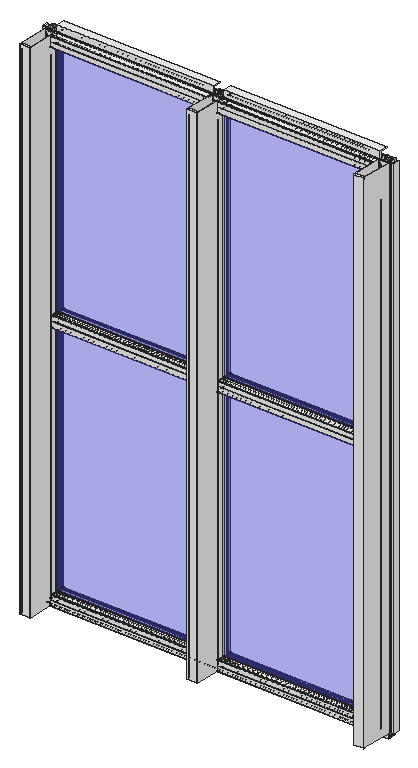
Revit family "Facade_60_Curtain_Wall_E22_Custom", category Windows, host Wall, Revit 2014 (continued)
Definition of nested family "F60 Vertical Profile Side_E22_Cust"
  Automatic sketch dimensions
    Extrusion 7 sketch curve to Extrusion 7 sketch curve = 1.95 mm
    Extrusion 7 sketch curve to Extrusion 7 sketch curve = 1.65 mm
    Extrusion 7 sketch curve to Extrusion 7 sketch curve = 4.987 mm
    Extrusion 7 sketch curve to Extrusion 7 sketch curve = 4.813 mm
    Extrusion 7 sketch curve to Extrusion 7 sketch curve = 4.812 mm
    Extrusion 7 sketch curve to Extrusion 7 sketch curve = 137.5 mm
    Extrusion 7 sketch curve to Extrusion 7 sketch curve = 0.2 mm  (x2)
    Extrusion 7 sketch curve to Extrusion 7 sketch curve = 0.4 mm  (x2)
    Extrusion 7 sketch curve to Extrusion 7 sketch curve = 4.5 mm
    Extrusion 8 sketch curve to plane 3 "Center (Left/Right)" = 0 mm
    Extrusion 8 sketch curve to Extrusion 8 sketch curve = 1 mm  (x3)
    plane 3 "Center (Left/Right)" to Extrusion 8 sketch curve = 1.65 mm
    plane 3 "Center (Left/Right)" to Extrusion 8 sketch curve = 2.75 mm
    Extrusion 8 sketch curve to Extrusion 8 sketch curve = 0.8 mm  (x2)
    Extrusion 8 sketch curve to Extrusion 8 sketch curve = 52.5 mm
    Extrusion 8 sketch curve to plane 1 "Center (Front/Back)" = 15.1 mm
    Extrusion 8 sketch curve to Extrusion 8 sketch curve = 52.9 mm
    Extrusion 8 sketch curve to Extrusion 8 sketch curve = 1.9 mm
    Extrusion 8 sketch curve to Extrusion 8 sketch curve = 2.75 mm
    Extrusion 8 sketch curve to Extrusion 8 sketch curve = 4.444 mm
    Extrusion 8 sketch curve to Extrusion 8 sketch curve = 4.656 mm  (x2)
    Extrusion 8 sketch curve to Extrusion 8 sketch curve = 163.2 mm
    Extrusion 8 sketch curve to Extrusion 8 sketch curve = 9.5 mm
    plane 3 "Center (Left/Right)" to Extrusion 9 sketch curve = 25.249 mm
    Extrusion 9 sketch curve to Extrusion 9 sketch curve = 0.5 mm  (x4)
    Extrusion 9 sketch curve to Extrusion 9 sketch curve = 1.1 mm
    plane 1 "Center (Front/Back)" to Extrusion 9 sketch curve = 11.356 mm  (x2)
    Extrusion 9 sketch curve to Extrusion 9 sketch curve = 0.293 mm  (x2)
    Extrusion 9 sketch curve to Extrusion 9 sketch curve = 1.896 mm
    Extrusion 9 sketch curve to Extrusion 9 sketch curve = 1.922 mm
    Extrusion 9 sketch curve to Extrusion 9 sketch curve = 1 mm  (x2)
    Extrusion 9 sketch curve to Extrusion 9 sketch curve = 0.7 mm
    Extrusion 9 sketch curve to Extrusion 9 sketch curve = 0.808 mm
    Extrusion 9 sketch curve to plane 1 "Center (Front/Back)" = 2.272 mm  (x2)
    Extrusion 9 sketch curve to Extrusion 9 sketch curve = 0.303 mm
    Extrusion 9 sketch curve to plane 1 "Center (Front/Back)" = 1.745 mm
    Extrusion 9 sketch curve to Extrusion 9 sketch curve = 0.356 mm
    plane 1 "Center (Front/Back)" to Extrusion 9 sketch curve = 9.206 mm  (x2)
    Extrusion 9 sketch curve to Extrusion 9 sketch curve = 1.647 mm
    Extrusion 9 sketch curve to Extrusion 9 sketch curve = 0.701 mm
    Extrusion 9 sketch curve to Extrusion 9 sketch curve = 0.992 mm
    Extrusion 9 sketch curve to Extrusion 9 sketch curve = 0.003 mm
    Extrusion 9 sketch curve to Extrusion 9 sketch curve = 0.002 mm
    Extrusion 9 sketch curve to Extrusion 9 sketch curve = 0.004 mm
    Extrusion 9 sketch curve to Extrusion 9 sketch curve = 0.708 mm
    Extrusion 9 sketch curve to plane 1 "Center (Front/Back)" = 1.946 mm
    Extrusion 9 sketch curve to Extrusion 9 sketch curve = 0.899 mm
    Extrusion 9 sketch curve to Extrusion 9 sketch curve = 0.444 mm
    Extrusion 9 sketch curve to Extrusion 9 sketch curve = 3.038 mm
    Extrusion 9 sketch curve to plane 1 "Center (Front/Back)" = 0.385 mm  (x2)
    Extrusion 9 sketch curve to Extrusion 9 sketch curve = 0.756 mm
    Extrusion 9 sketch curve to Extrusion 9 sketch curve = 2.153 mm
    Extrusion 9 sketch curve to Extrusion 9 sketch curve = 0.631 mm
    Extrusion 9 sketch curve to Extrusion 9 sketch curve = 0.807 mm
    Extrusion 9 sketch curve to Extrusion 9 sketch curve = 1.646 mm
    Extrusion 9 sketch curve to Extrusion 9 sketch curve = 0.707 mm
    Extrusion 9 sketch curve to Extrusion 9 sketch curve = 1.393 mm
    Extrusion 9 sketch curve to Extrusion 9 sketch curve = 1.923 mm
    Extrusion 9 sketch curve to Extrusion 9 sketch curve = 11.937 mm
    Extrusion 9 sketch curve to Extrusion 9 sketch curve = 1.6 mm
    Extrusion 9 sketch curve to Extrusion 9 sketch curve = 0.9 mm  (x2)
    Extrusion 9 sketch curve to Extrusion 9 sketch curve = 1.356 mm  (x2)
    Extrusion 9 sketch curve to Extrusion 9 sketch curve = 0.714 mm
    Extrusion 9 sketch curve to Extrusion 9 sketch curve = 0.02 mm
    Extrusion 9 sketch curve to Extrusion 9 sketch curve = 0.399 mm
    Extrusion 9 sketch curve to Extrusion 9 sketch curve = 2.224 mm
    Extrusion 9 sketch curve to Extrusion 9 sketch curve = 0.448 mm
    Extrusion 9 sketch curve to plane 1 "Center (Front/Back)" = 0.198 mm
    Extrusion 9 sketch curve to plane 1 "Center (Front/Back)" = 0.201 mm
    Extrusion 9 sketch curve to Extrusion 9 sketch curve = 0.032 mm
    Extrusion 9 sketch curve to Extrusion 9 sketch curve = 0 mm
    plane 3 "Center (Left/Right)" to Extrusion 10 sketch curve = 1.014 mm
    Extrusion 10 sketch curve to Extrusion 10 sketch curve = 0.469 mm  (x2)
    plane 3 "Center (Left/Right)" to Extrusion 10 sketch curve = 1.706 mm
    Extrusion 10 sketch curve to Extrusion 10 sketch curve = 1.079 mm
    Extrusion 10 sketch curve to Extrusion 10 sketch curve = 0.864 mm
    Extrusion 10 sketch curve to Extrusion 10 sketch curve = 1.15 mm  (x4)
    Extrusion 10 sketch curve to Extrusion 10 sketch curve = 3.2 mm  (x2)
    Extrusion 10 sketch curve to Extrusion 10 sketch curve = 3.031 mm  (x2)
    Extrusion 10 sketch curve to Extrusion 10 sketch curve = 0.6 mm  (x3)
    Extrusion 10 sketch curve to Extrusion 10 sketch curve = 15.584 mm  (x2)
    Extrusion 10 sketch curve to Extrusion 10 sketch curve = 0.808 mm  (x2)
    Extrusion 10 sketch curve to Extrusion 10 sketch curve = 3.038 mm
    Extrusion 10 sketch curve to Extrusion 10 sketch curve = 0.865 mm
    Extrusion 10 sketch curve to Extrusion 10 sketch curve = 1.25 mm  (x5)
    Extrusion 10 sketch curve to Extrusion 10 sketch curve = 0.61 mm
    plane 1 "Center (Front/Back)" to Extrusion 10 sketch curve = 31.288 mm
    Extrusion 10 sketch curve to Extrusion 10 sketch curve = 0.362 mm
    plane 1 "Center (Front/Back)" to Extrusion 10 sketch curve = 31.65 mm
    Extrusion 10 sketch curve to Extrusion 10 sketch curve = 0.962 mm
    Extrusion 10 sketch curve to Extrusion 10 sketch curve = 0.85 mm
    Extrusion 10 sketch curve to Extrusion 10 sketch curve = 0.512 mm  (x2)
    Extrusion 10 sketch curve to Extrusion 10 sketch curve = 0.4 mm  (x2)
    Extrusion 10 sketch curve to Extrusion 10 sketch curve = 1 mm
    Extrusion 10 sketch curve to Extrusion 10 sketch curve = 2.8 mm
    Extrusion 10 sketch curve to Extrusion 10 sketch curve = 0 mm  (x2)
    Extrusion 10 sketch curve to Extrusion 10 sketch curve = 1.4 mm
    Extrusion 10 sketch curve to Extrusion 10 sketch curve = 0.539 mm  (x2)
    plane 1 "Center (Front/Back)" to Extrusion 10 sketch curve = 28.864 mm
    Extrusion 11 sketch curve to plane 3 "Center (Left/Right)" = 0 mm
    plane 3 "Center (Left/Right)" to Extrusion 11 sketch curve = 0.65 mm
    Extrusion 11 sketch curve to Extrusion 11 sketch curve = 0.128 mm  (x2)
    plane 3 "Center (Left/Right)" to Extrusion 11 sketch curve = 1.014 mm
    plane 3 "Center (Left/Right)" to Extrusion 11 sketch curve = 1.05 mm
    Extrusion 11 sketch curve to Extrusion 11 sketch curve = 0.469 mm  (x2)
    Extrusion 11 sketch curve to Extrusion 11 sketch curve = 1.079 mm
    Extrusion 11 sketch curve to Extrusion 11 sketch curve = 1.317 mm  (x2)
    Extrusion 11 sketch curve to Extrusion 11 sketch curve = 0 mm  (x3)
    plane 3 "Center (Left/Right)" to Extrusion 11 sketch curve = 3.85 mm
    Extrusion 11 sketch curve to Extrusion 11 sketch curve = 0.15 mm  (x2)
    Extrusion 11 sketch curve to Extrusion 11 sketch curve = 26 mm  (x2)
    Extrusion 11 sketch curve to Extrusion 11 sketch curve = 1.05 mm
    Extrusion 11 sketch curve to Extrusion 11 sketch curve = 0.707 mm
    Extrusion 11 sketch curve to Extrusion 11 sketch curve = 0.433 mm
    plane 1 "Center (Front/Back)" to Extrusion 11 sketch curve = 31.288 mm
    plane 1 "Center (Front/Back)" to Extrusion 11 sketch curve = 28.065 mm
    Extrusion 11 sketch curve to Extrusion 11 sketch curve = 1.314 mm
    Extrusion 11 sketch curve to Extrusion 11 sketch curve = 0.65 mm
    Extrusion 11 sketch curve to Extrusion 11 sketch curve = 0.5 mm  (x2)
    plane 1 "Center (Front/Back)" to Extrusion 11 sketch curve = 32.75 mm
    Extrusion 11 sketch curve to Extrusion 11 sketch curve = 0.1 mm  (x3)
    Extrusion 11 sketch curve to Extrusion 11 sketch curve = 1.1 mm  (x2)
    Extrusion 11 sketch curve to Extrusion 11 sketch curve = 8.608 mm
    Extrusion 11 sketch curve to Extrusion 11 sketch curve = 0.962 mm
    Extrusion 12 sketch curve to plane 3 "Center (Left/Right)" = 21.349 mm
    Extrusion 12 sketch curve to Extrusion 12 sketch curve = 6.35 mm
    plane 3 "Center (Left/Right)" to Extrusion 12 sketch curve = 10.403 mm
    plane 1 "Center (Front/Back)" to Extrusion 12 sketch curve = 35.567 mm
    plane 1 "Center (Front/Back)" to Extrusion 12 sketch curve = 10.171 mm
    plane 1 "Center (Front/Back)" to Extrusion 12 sketch curve = 3.821 mm
    Extrusion 13 sketch curve to plane 3 "Center (Left/Right)" = 21.35 mm
    Extrusion 13 sketch curve to Extrusion 13 sketch curve = 6.35 mm
    plane 3 "Center (Left/Right)" to Extrusion 13 sketch curve = 10.402 mm
    plane 1 "Center (Front/Back)" to Extrusion 13 sketch curve = 33.172 mm
    plane 1 "Center (Front/Back)" to Extrusion 13 sketch curve = 7.775 mm
    plane 1 "Center (Front/Back)" to Extrusion 13 sketch curve = 1.425 mm
    Extrusion 14 sketch curve to plane 3 "Center (Left/Right)" = 0 mm
    plane 3 "Center (Left/Right)" to Extrusion 14 sketch curve = 1.2 mm
    Extrusion 14 sketch curve to Extrusion 14 sketch curve = 9.6 mm
    Extrusion 14 sketch curve to Extrusion 14 sketch curve = 1.2 mm  (x3)
    plane 1 "Center (Front/Back)" to Extrusion 14 sketch curve = 25.775 mm
    plane 1 "Center (Front/Back)" to Extrusion 14 sketch curve = 8.975 mm
    curve 4 to Extrusion 6 = 0 mm
    curve 3 to Extrusion 6 = 0 mm
    curve 1 to Extrusion 6 = 0 mm
    curve 4 to Extrusion 6 = 3.6 mm
    curve 3 to Extrusion 6 = 3.6 mm
    curve 1 to Extrusion 6 = 3.6 mm
    Extrusion 6 to curve 2 = 1 mm
    Extrusion 6 to curve 5 = 1 mm
    Extrusion 6 to curve 6 = 1 mm
    curve 6 to Extrusion 6 = 1 mm
    curve 5 to Extrusion 6 = 1 mm
    curve 2 to Extrusion 6 = 1 mm
    curve 9 to Extrusion 6 = 0 mm
    curve 8 to Extrusion 6 = 0 mm
    curve 7 to Extrusion 6 = 0 mm
    Extrusion 6 to curve 8 = 3.6 mm
    Extrusion 6 to curve 9 = 3.6 mm
    Extrusion 6 to curve 7 = 3.6 mm
    curve 12 to Extrusion 5 = 25.894 mm
    curve 11 to Extrusion 5 = 25.894 mm
    curve 10 to Extrusion 5 = 25.894 mm
    curve 10 to Extrusion 5 = 0.108 mm
    Extrusion 5 to curve 12 = 0.703 mm
    Extrusion 5 to curve 11 = 0.703 mm
    curve 13 to Extrusion 5 = 4 mm
    curve 14 to Extrusion 5 = 4 mm
    curve 15 to Extrusion 5 = 4 mm
    Extrusion 5 to curve 15 = 0.702 mm
    Extrusion 5 to curve 14 = 0.702 mm
    Extrusion 5 to curve 13 = 0.702 mm
    curve 18 to Extrusion 7 = 0 mm
    curve 17 to Extrusion 7 = 0 mm
    curve 16 to Extrusion 7 = 0 mm
    Extrusion 7 to curve 17 = 3.6 mm
    Extrusion 7 to curve 18 = 3.6 mm
    Extrusion 7 to curve 16 = 3.6 mm
    Extrusion 7 to curve 21 = 1 mm  (x2)
    Extrusion 7 to curve 20 = 1 mm  (x2)
    Extrusion 7 to curve 19 = 1 mm  (x2)
    curve 24 to Extrusion 7 = 0 mm
    curve 23 to Extrusion 7 = 0 mm
    curve 22 to Extrusion 7 = 0 mm
    curve 24 to Extrusion 7 = 3.6 mm
    curve 23 to Extrusion 7 = 3.6 mm
    curve 22 to Extrusion 7 = 3.6 mm
    curve 27 to Extrusion 8 = 0 mm
    curve 26 to Extrusion 8 = 0 mm
    curve 25 to Extrusion 8 = 0 mm
    Extrusion 8 to curve 26 = 3.6 mm
    Extrusion 8 to curve 27 = 3.6 mm
    Extrusion 8 to curve 25 = 3.6 mm
    Extrusion 8 to curve 30 = 0.221 mm
    Extrusion 8 to curve 29 = 0.221 mm
    Extrusion 8 to curve 28 = 0.221 mm
    curve 29 to Extrusion 8 = 0.222 mm
    curve 30 to Extrusion 8 = 0.222 mm
    curve 28 to Extrusion 8 = 0.222 mm
    curve 33 to Extrusion 8 = 0 mm
    curve 32 to Extrusion 8 = 0 mm
    curve 31 to Extrusion 8 = 0 mm
    curve 33 to Extrusion 8 = 3.6 mm
    curve 32 to Extrusion 8 = 3.6 mm
    curve 31 to Extrusion 8 = 3.6 mm
    curve 34 to Extrusion 11 = 4.016 mm
    curve 35 to Extrusion 11 = 4.016 mm
    curve 36 to Extrusion 11 = 3.97 mm
    Extrusion 11 to curve 36 = 0.637 mm
    Extrusion 11 to curve 35 = 0.637 mm
    Extrusion 11 to curve 34 = 0.637 mm
    curve 37 to Extrusion 11 = 29.221 mm
    curve 38 to Extrusion 11 = 29.221 mm
    curve 39 to Extrusion 11 = 29.221 mm
    Extrusion 11 to curve 39 = 3.222 mm
    Extrusion 11 to curve 38 = 3.222 mm
    Extrusion 11 to curve 37 = 3.222 mm
Definition of nested family "F60 Horizontal Profile Top_E22_Cust"
  Parameters (values of type "F60 Horizontal Profile Top")
    Thermal Break Material [instance] = none
    Single Glazing [instance] = yes
    Profile Material [instance] = none
    Length [instance] = 250 mm
    Double Glazing [instance] = yes
  Reference planes
    plane 1 "Center (Front/Back)": y = 0
    plane 2: z = 0
    plane 3 "Center (Left/Right)": x = 0
  Forms (mm)
    Extrusion 1, solid, material <- "Profile Material"
      sketch origin (0, 0, 0) x (0, 1, 0) y (0, 0, 1)
        loop
          line (-9.94, 7.845) -> (-8.37, 6.275) -> (-1.2, 10.415) -> (-1.2, 1.2) -> (-5, 1.2) -> (-5, 0) -> (-1, 0)
          arc (-1, 0) -> (-0.293, 0.293) -> (0, 1) r 1
          line (0, 1) -> (0, 30) -> (0, 59)
          arc (0, 59) -> (-0.293, 59.707) -> (-1, 60) r 1
          line (-1, 60) -> (-5, 60) -> (-5, 58.8) -> (-1.2, 58.8) -> (-1.2, 49.585) -> (-8.37, 53.725) -> (-9.94, 52.155)
          arc (-9.94, 52.155) -> (-9.902, 51.269) -> (-9.016, 51.232) r 0.655
          line (-9.016, 51.232) -> (-8.077, 52.17) -> (-1.2, 48.2) -> (-1.2, 30) -> (-1.2, 11.8) -> (-8.077, 7.83) -> (-9.016, 8.768)
          arc (-9.016, 8.768) -> (-9.902, 8.731) -> (-9.94, 7.845) r 0.655
      from 0 to 250 <- "Length"
    Extrusion 2, solid, material <- "Profile Material"
      sketch origin (0, 0, 0) x (0, 1, 0) y (0, 0, 1)
        loop
          line (-5, 60) -> (-44.6, 60) -> (-44.6, 58.35) -> (-39.944, 58.35) -> (-39.944, 1.65) -> (-44.6, 1.65) -> (-44.6, 0) -> (-5, 0) -> (-5, 2.2) -> (-4.2, 2.2) -> (-4.2, 3.018)
          arc (-4.2, 3.018) -> (-4.352, 3.783) -> (-4.786, 4.432) r 2
          line (-4.786, 4.432) -> (-7.054, 6.7) -> (-8, 6.489) -> (-8, 5.7) -> (-7.205, 5.7) -> (-7.205, 2.95) -> (-8, 2.95) -> (-8, 1.95) -> (-12.752, 1.95) -> (-12.752, 6.7) -> (-14.152, 6.7) -> (-14.152, 1.65) -> (-38.65, 1.65) -> (-38.65, 8.33) -> (-37.097, 8.33) -> (-34.666, 6.973)
          arc (-34.666, 6.973) -> (-33.846, 7.192) -> (-34.066, 8.012) r 0.6
          line (-34.066, 8.012) -> (-37.128, 9.78) -> (-38.65, 9.78) -> (-38.65, 12.65) -> (-37.6, 13.7) -> (-37.6, 20.3) -> (-38.65, 21.35) -> (-38.65, 38.65) -> (-37.6, 39.7) -> (-37.6, 46.3) -> (-38.65, 47.35) -> (-38.65, 50.22) -> (-37.128, 50.22) -> (-34.066, 51.988)
          arc (-34.066, 51.988) -> (-33.846, 52.808) -> (-34.666, 53.027) r 0.6
          line (-34.666, 53.027) -> (-37.032, 51.661) -> (-38.65, 51.661) -> (-38.65, 58.35) -> (-14.152, 58.35) -> (-14.152, 53.3) -> (-12.752, 53.3) -> (-12.752, 58.05) -> (-8, 58.05) -> (-8, 57.05) -> (-7.205, 57.05) -> (-7.205, 54.3) -> (-8, 54.3) -> (-8, 53.511) -> (-7.054, 53.3) -> (-4.786, 55.568)
          arc (-4.786, 55.568) -> (-4.352, 56.217) -> (-4.2, 56.982) r 2
          line (-4.2, 56.982) -> (-4.2, 57.8) -> (-5, 57.8) -> (-5, 60)
      from 0 to 250 <- "Length"
    Extrusion 3, solid, material <- "Thermal Break Material"
      sketch origin (0, 0, 0) x (0, 1, 0) y (0, 0, 1)
        loop
          line (-40, 1.75) -> (-40, 30) -> (-40, 58.25) -> (-44.6, 58.25) -> (-44.6, 60) -> (-45.9, 60) -> (-45.9, 53.65) -> (-41.788, 53.65)
          arc (-41.788, 53.65) -> (-41.363, 53.474) -> (-41.187, 53.05) r 0.6
          line (-41.187, 53.05) -> (-41.187, 30) -> (-41.187, 6.95)
          arc (-41.187, 6.95) -> (-41.363, 6.526) -> (-41.788, 6.35) r 0.6
          line (-41.788, 6.35) -> (-45.9, 6.35) -> (-45.9, 0) -> (-44.6, 0) -> (-44.6, 1.75) -> (-40, 1.75)
      from 0 to 250 <- "Length"
    Extrusion 4, solid, material <- "Profile Material"
      sketch origin (0, 0, 0) x (0, 1, 0) y (0, 0, 1)
        loop
          line (-58.5, 25.249) -> (-43.6, 25.249)
          arc (-43.6, 25.249) -> (-43.034, 25.015) -> (-42.8, 24.449) r 0.8
          line (-42.8, 24.449) -> (-42.8, 7.9) -> (-44.4, 7.9) -> (-44.4, 9.45) -> (-45.25, 9.45)
          arc (-45.25, 9.45) -> (-45.674, 9.274) -> (-45.85, 8.85) r 0.6
          line (-45.85, 8.85) -> (-45.85, 7.9) -> (-48.8, 7.9)
          arc (-48.8, 7.9) -> (-49.3, 8.4) -> (-49.8, 7.9) r 0.5
          line (-49.8, 7.9) -> (-49.8, 5.55) -> (-48.65, 5.55) -> (-48.65, 6.7) -> (-47.35, 6.7) -> (-47.35, 1.2) -> (-48.65, 1.2) -> (-48.65, 2.35) -> (-49.8, 2.35) -> (-49.8, 0.5)
          arc (-49.8, 0.5) -> (-49.654, 0.146) -> (-49.3, 0) r 0.5
          line (-49.3, 0) -> (-45.9, 0) -> (-45.9, 6.45) -> (-42.2, 6.45)
          arc (-42.2, 6.45) -> (-41.634, 6.684) -> (-41.4, 7.25) r 0.8
          line (-41.4, 7.25) -> (-41.4, 30) -> (-41.4, 52.75)
          arc (-41.4, 52.75) -> (-41.634, 53.316) -> (-42.2, 53.55) r 0.8
          line (-42.2, 53.55) -> (-45.9, 53.55) -> (-45.9, 60) -> (-49.3, 60)
          arc (-49.3, 60) -> (-49.654, 59.854) -> (-49.8, 59.5) r 0.5
          line (-49.8, 59.5) -> (-49.8, 57.65) -> (-48.65, 57.65) -> (-48.65, 58.8) -> (-47.35, 58.8) -> (-47.35, 53.3) -> (-48.65, 53.3) -> (-48.65, 54.45) -> (-49.8, 54.45) -> (-49.8, 52.1)
          arc (-49.8, 52.1) -> (-49.3, 51.6) -> (-48.8, 52.1) r 0.5
          line (-48.8, 52.1) -> (-45.85, 52.1) -> (-45.85, 51.15)
          arc (-45.85, 51.15) -> (-45.674, 50.726) -> (-45.25, 50.55) r 0.6
          line (-45.25, 50.55) -> (-44.4, 50.55) -> (-44.4, 52.1) -> (-42.8, 52.1) -> (-42.8, 35.551)
          arc (-42.8, 35.551) -> (-43.034, 34.985) -> (-43.6, 34.751) r 0.8
          line (-43.6, 34.751) -> (-58.5, 34.751)
          arc (-58.5, 34.751) -> (-59.066, 34.516) -> (-59.3, 33.951) r 0.8
          line (-59.3, 33.951) -> (-59.3, 32.902) -> (-42.8, 32.902) -> (-42.8, 27.1) -> (-59.3, 27.1) -> (-59.3, 26.049)
          arc (-59.3, 26.049) -> (-59.066, 25.484) -> (-58.5, 25.249) r 0.8
      from 0 to 250 <- "Length"
    Extrusion 5, solid, material <- "Thermal Break Material", visible <- "Single Glazing"
      sketch origin (0, 0, 0) x (0, 1, 0) y (0, 0, 1)
        loop
          arc (-63.8, 25.751) -> (-63.654, 25.397) -> (-63.3, 25.251) r 0.5
          line (-63.3, 25.251) -> (-59.8, 25.251)
          arc (-59.8, 25.251) -> (-59.446, 25.397) -> (-59.3, 25.751) r 0.5
          line (-59.3, 25.751) -> (-59.3, 27.648) -> (-49.599, 27.648) -> (-47.528, 28.651)
          arc (-47.528, 28.651) -> (-46.803, 30.001) -> (-47.528, 31.351) r 1.62
          line (-47.528, 31.351) -> (-49.599, 32.353) -> (-59.3, 32.353) -> (-59.3, 34.251)
          arc (-59.3, 34.251) -> (-59.446, 34.604) -> (-59.8, 34.751) r 0.5
          line (-59.8, 34.751) -> (-63.3, 34.751)
          arc (-63.3, 34.751) -> (-63.654, 34.604) -> (-63.8, 34.251) r 0.5
          line (-63.8, 34.251) -> (-63.8, 32.328) -> (-62.4, 31.52) -> (-62.4, 28.483) -> (-63.8, 27.673) -> (-63.8, 25.751)
        loop
          line (-59.794, 28.506) -> (-59.006, 29.294)
          arc (-59.006, 29.294) -> (-58.788, 29.618) -> (-58.713, 30.001) r 0.986
          arc (-58.713, 30.001) -> (-58.79, 30.384) -> (-59.008, 30.71) r 1.007
          line (-59.008, 30.71) -> (-59.794, 31.496) -> (-60.65, 31.496)
          arc (-60.65, 31.496) -> (-61.004, 31.349) -> (-61.15, 30.996) r 0.5
          line (-61.15, 30.996) -> (-61.15, 29.006)
          arc (-61.15, 29.006) -> (-61.004, 28.652) -> (-60.65, 28.506) r 0.5
          line (-60.65, 28.506) -> (-59.794, 28.506)
        loop
          line (-47.854, 30.898) -> (-49.415, 31.653) -> (-56.782, 31.653)
          arc (-56.782, 31.653) -> (-57.207, 31.417) -> (-57.23, 30.932) r 0.5
          arc (-57.23, 30.932) -> (-57.013, 30.001) -> (-57.23, 29.07) r 2.099
          arc (-57.23, 29.07) -> (-57.207, 28.584) -> (-56.782, 28.348) r 0.5
          line (-56.782, 28.348) -> (-49.415, 28.348) -> (-48.055, 29.007)
          arc (-48.055, 29.007) -> (-47.35, 29.888) -> (-47.854, 30.898) r 1.047
      from 0 to 250 <- "Length"
    Extrusion 6, solid, material <- "Profile Material", visible <- "Single Glazing"
      sketch origin (0, 0, 0) x (0, 1, 0) y (0, 0, 1)
        loop
          line (-63.8, 52.694) -> (-64.8, 52.694) -> (-64.8, 51.544) -> (-66.05, 51.544) -> (-66.05, 57.044) -> (-64.8, 57.044) -> (-64.8, 55.894) -> (-63.8, 55.894) -> (-63.8, 58.294)
          arc (-63.8, 58.294) -> (-64.082, 58.803) -> (-64.664, 58.835) r 0.6
          line (-64.664, 58.835) -> (-66.562, 57.91) -> (-67.088, 58.988) -> (-68.05, 58.519) -> (-68.05, 48.513)
          arc (-68.05, 48.513) -> (-67.874, 48.089) -> (-67.45, 47.913) r 0.6
          line (-67.45, 47.913) -> (-66.6, 47.913) -> (-66.6, 12.09) -> (-67.45, 12.09)
          arc (-67.45, 12.09) -> (-67.874, 11.914) -> (-68.05, 11.49) r 0.6
          line (-68.05, 11.49) -> (-68.05, 1.485) -> (-67.088, 1.016) -> (-66.562, 2.095) -> (-64.663, 1.169)
          arc (-64.663, 1.169) -> (-64.082, 1.2) -> (-63.8, 1.709) r 0.6
          line (-63.8, 1.709) -> (-63.8, 4.109) -> (-64.8, 4.109) -> (-64.8, 2.959) -> (-66.05, 2.959) -> (-66.05, 8.459) -> (-64.8, 8.459) -> (-64.8, 7.309) -> (-63.8, 7.309) -> (-63.8, 27.674) -> (-62.4, 28.483) -> (-62.4, 31.521) -> (-63.8, 32.329) -> (-63.8, 52.694)
      from 0 to 250 <- "Length"
    Extrusion 7, solid, material <- "Profile Material", visible <- "Single Glazing"
      sketch origin (0, 0, 0) x (0, 1, 0) y (0, 0, 1)
        loop
          line (-68.551, 3.3) -> (-76.559, 3.3) -> (-76.559, 30) -> (-76.559, 56.15)
          arc (-76.559, 56.15) -> (-75.739, 58.13) -> (-73.759, 58.95) r 2.8
          line (-73.759, 58.95) -> (-69.151, 58.95) -> (-69.151, 57.2)
          arc (-69.151, 57.2) -> (-68.987, 56.829) -> (-68.601, 56.703) r 0.5
          arc (-68.601, 56.703) -> (-68.216, 56.829) -> (-68.051, 57.2) r 0.5
          line (-68.051, 57.2) -> (-68.051, 58.517) -> (-67.089, 58.986) -> (-66.563, 57.907) -> (-63.866, 59.222)
          arc (-63.866, 59.222) -> (-64.001, 59.762) -> (-64.504, 60) r 0.65
          line (-64.504, 60) -> (-73.859, 60)
          arc (-73.859, 60) -> (-76.687, 58.828) -> (-77.859, 56) r 4
          line (-77.859, 56) -> (-77.859, 30) -> (-77.859, 2.493)
          arc (-77.859, 2.493) -> (-77.197, 0.799) -> (-75.562, 0.002) r 2.5
          arc (-75.562, 0.002) -> (-75.182, 0.132) -> (-75.021, 0.5) r 0.5
          line (-75.021, 0.5) -> (-75.021, 2) -> (-69.151, 2) -> (-69.151, 0.5)
          arc (-69.151, 0.5) -> (-69.005, 0.146) -> (-68.651, 0) r 0.5
          line (-68.651, 0) -> (-64.504, 0)
          arc (-64.504, 0) -> (-64.001, 0.238) -> (-63.866, 0.778) r 0.65
          line (-63.866, 0.778) -> (-66.563, 2.093) -> (-67.089, 1.014) -> (-68.051, 1.483) -> (-68.051, 2.8)
          arc (-68.051, 2.8) -> (-68.198, 3.154) -> (-68.551, 3.3) r 0.5
      from 0 to 250 <- "Length"
    Extrusion 8, solid, material <- "Thermal Break Material", visible <- "Double Glazing"
      sketch origin (0, 0, 0) x (0, 1, 0) y (0, 0, 1)
        loop
          line (-77.8, 27.673) -> (-77.8, 25.751)
          arc (-77.8, 25.751) -> (-77.654, 25.397) -> (-77.3, 25.251) r 0.5
          line (-77.3, 25.251) -> (-59.8, 25.251)
          arc (-59.8, 25.251) -> (-59.446, 25.397) -> (-59.3, 25.751) r 0.5
          line (-59.3, 25.751) -> (-59.3, 27.647) -> (-49.599, 27.647) -> (-47.528, 28.649)
          arc (-47.528, 28.649) -> (-46.803, 29.999) -> (-47.528, 31.349) r 1.62
          line (-47.528, 31.349) -> (-49.602, 32.353) -> (-59.3, 32.353) -> (-59.3, 34.251)
          arc (-59.3, 34.251) -> (-59.446, 34.604) -> (-59.8, 34.751) r 0.5
          line (-59.8, 34.751) -> (-77.3, 34.751)
          arc (-77.3, 34.751) -> (-77.654, 34.604) -> (-77.8, 34.251) r 0.5
          line (-77.8, 34.251) -> (-77.8, 32.327) -> (-76.4, 31.52) -> (-76.4, 28.482) -> (-77.8, 27.673)
        loop
          line (-59.006, 30.708) -> (-61.156, 32.858)
          arc (-61.156, 32.858) -> (-61.48, 33.074) -> (-61.863, 33.151) r 1
          line (-61.863, 33.151) -> (-73.8, 33.151)
          arc (-73.8, 33.151) -> (-74.507, 32.858) -> (-74.8, 32.151) r 1
          line (-74.8, 32.151) -> (-74.8, 27.851)
          arc (-74.8, 27.851) -> (-74.507, 27.144) -> (-73.8, 26.851) r 1
          line (-73.8, 26.851) -> (-61.863, 26.851)
          arc (-61.863, 26.851) -> (-61.48, 26.927) -> (-61.156, 27.144) r 1
          line (-61.156, 27.144) -> (-59.006, 29.294)
          arc (-59.006, 29.294) -> (-58.788, 29.618) -> (-58.713, 30.001) r 0.986
          arc (-58.713, 30.001) -> (-58.79, 30.383) -> (-59.006, 30.708) r 1.007
        loop
          line (-56.782, 28.347) -> (-49.415, 28.347) -> (-48.055, 29.005)
          arc (-48.055, 29.005) -> (-47.35, 29.887) -> (-47.854, 30.896) r 1.047
          line (-47.854, 30.896) -> (-49.415, 31.652) -> (-56.782, 31.652)
          arc (-56.782, 31.652) -> (-57.207, 31.416) -> (-57.23, 30.93) r 0.5
          arc (-57.23, 30.93) -> (-57.013, 29.999) -> (-57.23, 29.068) r 2.099
          arc (-57.23, 29.068) -> (-57.207, 28.583) -> (-56.782, 28.347) r 0.5
      from 0 to 250 <- "Length"
    Extrusion 9, solid, material <- "Profile Material", visible <- "Double Glazing"
      sketch origin (0, 0, 0) x (0, 1, 0) y (0, 0, 1)
        loop
          line (-77.8, 52.694) -> (-78.8, 52.694) -> (-78.8, 51.544) -> (-80.05, 51.544) -> (-80.05, 57.044) -> (-78.8, 57.044) -> (-78.8, 55.894) -> (-77.8, 55.894) -> (-77.8, 58.294)
          arc (-77.8, 58.294) -> (-78.082, 58.802) -> (-78.664, 58.834) r 0.6
          line (-78.664, 58.834) -> (-80.562, 57.909) -> (-81.088, 58.988) -> (-82.05, 58.518) -> (-82.05, 48.512)
          arc (-82.05, 48.512) -> (-81.874, 48.088) -> (-81.45, 47.912) r 0.6
          line (-81.45, 47.912) -> (-80.6, 47.912) -> (-80.6, 12.089) -> (-81.45, 12.089)
          arc (-81.45, 12.089) -> (-81.874, 11.913) -> (-82.05, 11.489) r 0.6
          line (-82.05, 11.489) -> (-82.05, 1.484) -> (-81.088, 1.015) -> (-80.562, 2.094) -> (-78.663, 1.169)
          arc (-78.663, 1.169) -> (-78.082, 1.199) -> (-77.8, 1.708) r 0.6
          line (-77.8, 1.708) -> (-77.8, 4.108) -> (-78.8, 4.108) -> (-78.8, 2.958) -> (-80.05, 2.958) -> (-80.05, 8.458) -> (-78.8, 8.458) -> (-78.8, 7.308) -> (-77.8, 7.308) -> (-77.8, 27.673) -> (-76.4, 28.482) -> (-76.4, 31.52) -> (-77.8, 32.328) -> (-77.8, 52.694)
      from 0 to 250 <- "Length"
    Extrusion 10, solid, material <- "Profile Material", visible <- "Double Glazing"
      sketch origin (0, 0, 0) x (0, 1, 0) y (0, 0, 1)
        loop
          line (-82.551, 3.3) -> (-90.558, 3.3) -> (-90.558, 30) -> (-90.558, 56.15)
          arc (-90.558, 56.15) -> (-89.738, 58.13) -> (-87.758, 58.95) r 2.8
          line (-87.758, 58.95) -> (-83.151, 58.95) -> (-83.151, 57.2)
          arc (-83.151, 57.2) -> (-82.986, 56.829) -> (-82.601, 56.703) r 0.5
          arc (-82.601, 56.703) -> (-82.215, 56.829) -> (-82.051, 57.2) r 0.5
          line (-82.051, 57.2) -> (-82.051, 58.517) -> (-81.088, 58.986) -> (-80.563, 57.907) -> (-77.866, 59.222)
          arc (-77.866, 59.222) -> (-78, 59.762) -> (-78.503, 60) r 0.65
          line (-78.503, 60) -> (-87.858, 60)
          arc (-87.858, 60) -> (-90.687, 58.828) -> (-91.858, 56) r 4
          line (-91.858, 56) -> (-91.858, 30) -> (-91.858, 2.493)
          arc (-91.858, 2.493) -> (-91.196, 0.799) -> (-89.561, 0.002) r 2.5
          arc (-89.561, 0.002) -> (-89.182, 0.132) -> (-89.021, 0.5) r 0.5
          line (-89.021, 0.5) -> (-89.021, 2) -> (-83.151, 2) -> (-83.151, 0.5)
          arc (-83.151, 0.5) -> (-83.004, 0.146) -> (-82.651, 0) r 0.5
          line (-82.651, 0) -> (-78.503, 0)
          arc (-78.503, 0) -> (-78, 0.238) -> (-77.866, 0.778) r 0.65
          line (-77.866, 0.778) -> (-80.563, 2.093) -> (-81.088, 1.014) -> (-82.051, 1.483) -> (-82.051, 2.8)
          arc (-82.051, 2.8) -> (-82.197, 3.154) -> (-82.551, 3.3) r 0.5
      from 0 to 250 <- "Length"
    Extrusion 11, solid, material <- "Profile Material", visible <- "Double Glazing"
      sketch origin (0, 0, 0) x (0, 1, 0) y (0, 0, 1)
        loop
          line (-57.8, 45.73) -> (-51.8, 45.73) -> (-51.8, 95.73) -> (-101.8, 95.73) -> (-101.8, 89.73) -> (-57.8, 89.73) -> (-57.8, 45.73)
      from 0 to 250 <- "Length"
    Extrusion 12, solid, material <- "Profile Material", visible <- "Double Glazing"
      sketch origin (0, 0, 0) x (0, 1, 0) y (0, 0, 1)
        loop
          line (-75.8, 48) -> (-57.8, 48) -> (-57.8, 60) -> (-75.8, 60) -> (-75.8, 48)
        loop
          line (-74.6, 49.2) -> (-59, 49.2) -> (-59, 58.8) -> (-74.6, 58.8) -> (-74.6, 49.2)
      from 0 to 250 <- "Length"
    Extrusion 13, solid, material <- "Profile Material", visible <- "Single Glazing"
      sketch origin (0, 0, 0) x (0, 1, 0) y (0, 0, 1)
        loop
          line (-59.8, 45.865) -> (-53.8, 45.865) -> (-53.8, 95.865) -> (-103.8, 95.865) -> (-103.8, 89.865) -> (-59.8, 89.865) -> (-59.8, 45.865)
      from 0 to 250 <- "Length"
  Dimensions and locks
    aligned and locked: level to plane 2
Definition of nested family "F60 Sill_E22_Cust"
  Parameters (values of type "F60 Sill")
    Profile Material [instance] = none
    Length Sill [instance] = 250 mm
  Reference planes
    plane 1 "Center (Front/Back)": y = 0
    plane 2: z = 0
    plane 3 "Center (Left/Right)": x = 0
  Forms (mm)
    Extrusion 1, solid, material <- "Profile Material"
      sketch origin (0, 0, 0) x (0, 1, 0) y (0, 0, 1)
        loop
          line (-42.734, 5.324) -> (-48.256, 4.643)
          arc (-48.256, 4.643) -> (-49.196, 4.147) -> (-49.572, 3.154) r 1.5
          line (-49.572, 3.154) -> (-49.572, 1.88) -> (-47.772, 1.88) -> (-47.772, 3.191) -> (-19.233, 6.714)
          arc (-19.233, 6.714) -> (-17.924, 7.083) -> (-16.785, 7.826) r 4.5
          line (-16.785, 7.826) -> (-16.785, 1.88) -> (-15.285, 1.88) -> (-15.285, 24.58)
          arc (-15.285, 24.58) -> (-15.109, 25.004) -> (-14.685, 25.18) r 0.6
          line (-14.685, 25.18) -> (-4.072, 25.18) -> (-4.072, 1.88) -> (-2.572, 1.88) -> (-2.572, 29.88) -> (-4.072, 29.88) -> (-4.072, 28.88) -> (-5.222, 28.88) -> (-5.222, 27.68) -> (-4.072, 27.68) -> (-4.072, 26.38) -> (-9.572, 26.38) -> (-9.572, 27.68) -> (-8.422, 27.68) -> (-8.422, 28.88) -> (-10.172, 28.88)
          arc (-10.172, 28.88) -> (-10.597, 28.704) -> (-10.772, 28.28) r 0.6
          line (-10.772, 28.28) -> (-10.772, 26.38) -> (-15.285, 26.38)
          arc (-15.285, 26.38) -> (-16.345, 25.941) -> (-16.785, 24.88) r 1.5
          line (-16.785, 24.88) -> (-16.785, 11.18)
          arc (-16.785, 11.18) -> (-17.537, 9.193) -> (-19.417, 8.203) r 3
          line (-19.417, 8.203) -> (-39.35, 5.742)
          arc (-39.35, 5.742) -> (-40.527, 6.107) -> (-41.034, 7.231) r 1.5
          line (-41.034, 7.231) -> (-41.034, 19.996)
          arc (-41.034, 19.996) -> (-40.883, 20.394) -> (-40.507, 20.592) r 0.6
          line (-40.507, 20.592) -> (-32.917, 21.529)
          arc (-32.917, 21.529) -> (-31.977, 22.024) -> (-31.601, 23.017) r 1.5
          line (-31.601, 23.017) -> (-31.601, 28.88) -> (-33.101, 28.88) -> (-33.101, 23.548)
          arc (-33.101, 23.548) -> (-33.251, 23.15) -> (-33.627, 22.952) r 0.6
          line (-33.627, 22.952) -> (-45.787, 21.451)
          arc (-45.787, 21.451) -> (-46.727, 20.956) -> (-47.104, 19.962) r 1.5
          line (-47.104, 19.962) -> (-47.104, 19.054)
          arc (-47.104, 19.054) -> (-46.957, 18.7) -> (-46.604, 18.554) r 0.5
          line (-46.604, 18.554) -> (-45.604, 18.554) -> (-45.604, 19.962) -> (-42.734, 20.317) -> (-42.734, 5.324)
      from 0 to 250 <- "Length Sill"
  Dimensions and locks
    aligned and locked: level to plane 2
Definition of nested family "F60 Horizontal Profile Bottom_E22_Cust"
  Parameters (values of type "F60 Horizontal Profile Bottom")
    Thermal Break Material [instance] = none
    Single Glazing [instance] = yes
    Profile Material [instance] = none
    Length [instance] = 250 mm
    Double Glazing [instance] = yes
  Reference planes
    plane 1 "Center (Front/Back)": y = 0
    plane 2: z = 0
    plane 3 "Center (Left/Right)": x = 0
  Forms (mm)
    Extrusion 1, solid, material <- "Profile Material"
      sketch origin (0, 0, 0) x (0, 1, 0) y (0, 0, 1)
        loop
          line (-9.94, 7.845) -> (-8.37, 6.275) -> (-1.2, 10.415) -> (-1.2, 1.2) -> (-5, 1.2) -> (-5, 0) -> (-1, 0)
          arc (-1, 0) -> (-0.293, 0.293) -> (0, 1) r 1
          line (0, 1) -> (0, 30) -> (0, 59)
          arc (0, 59) -> (-0.293, 59.707) -> (-1, 60) r 1
          line (-1, 60) -> (-5, 60) -> (-5, 58.8) -> (-1.2, 58.8) -> (-1.2, 49.585) -> (-8.37, 53.725) -> (-9.94, 52.155)
          arc (-9.94, 52.155) -> (-9.902, 51.269) -> (-9.016, 51.232) r 0.655
          line (-9.016, 51.232) -> (-8.077, 52.17) -> (-1.2, 48.2) -> (-1.2, 30) -> (-1.2, 11.8) -> (-8.077, 7.83) -> (-9.016, 8.768)
          arc (-9.016, 8.768) -> (-9.902, 8.731) -> (-9.94, 7.845) r 0.655
      from 0 to 250 <- "Length"
    Extrusion 2, solid, material <- "Profile Material"
      sketch origin (0, 0, 0) x (0, 1, 0) y (0, 0, 1)
        loop
          line (-5, 60) -> (-44.6, 60) -> (-44.6, 58.35) -> (-39.944, 58.35) -> (-39.944, 1.65) -> (-44.6, 1.65) -> (-44.6, 0) -> (-5, 0) -> (-5, 2.2) -> (-4.2, 2.2) -> (-4.2, 3.018)
          arc (-4.2, 3.018) -> (-4.352, 3.783) -> (-4.786, 4.432) r 2
          line (-4.786, 4.432) -> (-7.054, 6.7) -> (-8, 6.489) -> (-8, 5.7) -> (-7.205, 5.7) -> (-7.205, 2.95) -> (-8, 2.95) -> (-8, 1.95) -> (-12.752, 1.95) -> (-12.752, 6.7) -> (-14.152, 6.7) -> (-14.152, 1.65) -> (-38.65, 1.65) -> (-38.65, 8.33) -> (-37.097, 8.33) -> (-34.666, 6.973)
          arc (-34.666, 6.973) -> (-33.846, 7.192) -> (-34.066, 8.012) r 0.6
          line (-34.066, 8.012) -> (-37.128, 9.78) -> (-38.65, 9.78) -> (-38.65, 12.65) -> (-37.6, 13.7) -> (-37.6, 20.3) -> (-38.65, 21.35) -> (-38.65, 38.65) -> (-37.6, 39.7) -> (-37.6, 46.3) -> (-38.65, 47.35) -> (-38.65, 50.22) -> (-37.128, 50.22) -> (-34.066, 51.988)
          arc (-34.066, 51.988) -> (-33.846, 52.808) -> (-34.666, 53.027) r 0.6
          line (-34.666, 53.027) -> (-37.032, 51.661) -> (-38.65, 51.661) -> (-38.65, 58.35) -> (-14.152, 58.35) -> (-14.152, 53.3) -> (-12.752, 53.3) -> (-12.752, 58.05) -> (-8, 58.05) -> (-8, 57.05) -> (-7.205, 57.05) -> (-7.205, 54.3) -> (-8, 54.3) -> (-8, 53.511) -> (-7.054, 53.3) -> (-4.786, 55.568)
          arc (-4.786, 55.568) -> (-4.352, 56.217) -> (-4.2, 56.982) r 2
          line (-4.2, 56.982) -> (-4.2, 57.8) -> (-5, 57.8) -> (-5, 60)
      from 0 to 250 <- "Length"
    Extrusion 3, solid, material <- "Thermal Break Material"
      sketch origin (0, 0, 0) x (0, 1, 0) y (0, 0, 1)
        loop
          line (-40, 1.75) -> (-40, 30) -> (-40, 58.25) -> (-44.6, 58.25) -> (-44.6, 60) -> (-45.9, 60) -> (-45.9, 53.65) -> (-41.788, 53.65)
          arc (-41.788, 53.65) -> (-41.363, 53.474) -> (-41.187, 53.05) r 0.6
          line (-41.187, 53.05) -> (-41.187, 30) -> (-41.187, 6.95)
          arc (-41.187, 6.95) -> (-41.363, 6.526) -> (-41.788, 6.35) r 0.6
          line (-41.788, 6.35) -> (-45.9, 6.35) -> (-45.9, 0) -> (-44.6, 0) -> (-44.6, 1.75) -> (-40, 1.75)
      from 0 to 250 <- "Length"
    Extrusion 4, solid, material <- "Profile Material"
      sketch origin (0, 0, 0) x (0, 1, 0) y (0, 0, 1)
        loop
          line (-58.5, 25.249) -> (-43.6, 25.249)
          arc (-43.6, 25.249) -> (-43.034, 25.015) -> (-42.8, 24.449) r 0.8
          line (-42.8, 24.449) -> (-42.8, 7.9) -> (-44.4, 7.9) -> (-44.4, 9.45) -> (-45.25, 9.45)
          arc (-45.25, 9.45) -> (-45.674, 9.274) -> (-45.85, 8.85) r 0.6
          line (-45.85, 8.85) -> (-45.85, 7.9) -> (-48.8, 7.9)
          arc (-48.8, 7.9) -> (-49.3, 8.4) -> (-49.8, 7.9) r 0.5
          line (-49.8, 7.9) -> (-49.8, 5.55) -> (-48.65, 5.55) -> (-48.65, 6.7) -> (-47.35, 6.7) -> (-47.35, 1.2) -> (-48.65, 1.2) -> (-48.65, 2.35) -> (-49.8, 2.35) -> (-49.8, 0.5)
          arc (-49.8, 0.5) -> (-49.654, 0.146) -> (-49.3, 0) r 0.5
          line (-49.3, 0) -> (-45.9, 0) -> (-45.9, 6.45) -> (-42.2, 6.45)
          arc (-42.2, 6.45) -> (-41.634, 6.684) -> (-41.4, 7.25) r 0.8
          line (-41.4, 7.25) -> (-41.4, 30) -> (-41.4, 52.75)
          arc (-41.4, 52.75) -> (-41.634, 53.316) -> (-42.2, 53.55) r 0.8
          line (-42.2, 53.55) -> (-45.9, 53.55) -> (-45.9, 60) -> (-49.3, 60)
          arc (-49.3, 60) -> (-49.654, 59.854) -> (-49.8, 59.5) r 0.5
          line (-49.8, 59.5) -> (-49.8, 57.65) -> (-48.65, 57.65) -> (-48.65, 58.8) -> (-47.35, 58.8) -> (-47.35, 53.3) -> (-48.65, 53.3) -> (-48.65, 54.45) -> (-49.8, 54.45) -> (-49.8, 52.1)
          arc (-49.8, 52.1) -> (-49.3, 51.6) -> (-48.8, 52.1) r 0.5
          line (-48.8, 52.1) -> (-45.85, 52.1) -> (-45.85, 51.15)
          arc (-45.85, 51.15) -> (-45.674, 50.726) -> (-45.25, 50.55) r 0.6
          line (-45.25, 50.55) -> (-44.4, 50.55) -> (-44.4, 52.1) -> (-42.8, 52.1) -> (-42.8, 35.551)
          arc (-42.8, 35.551) -> (-43.034, 34.985) -> (-43.6, 34.751) r 0.8
          line (-43.6, 34.751) -> (-58.5, 34.751)
          arc (-58.5, 34.751) -> (-59.066, 34.516) -> (-59.3, 33.951) r 0.8
          line (-59.3, 33.951) -> (-59.3, 32.902) -> (-42.8, 32.902) -> (-42.8, 27.1) -> (-59.3, 27.1) -> (-59.3, 26.049)
          arc (-59.3, 26.049) -> (-59.066, 25.484) -> (-58.5, 25.249) r 0.8
      from 0 to 250 <- "Length"
    Extrusion 5, solid, material <- "Thermal Break Material", visible <- "Single Glazing"
      sketch origin (0, 0, 0) x (0, 1, 0) y (0, 0, 1)
        loop
          arc (-63.8, 25.751) -> (-63.654, 25.397) -> (-63.3, 25.251) r 0.5
          line (-63.3, 25.251) -> (-59.8, 25.251)
          arc (-59.8, 25.251) -> (-59.446, 25.397) -> (-59.3, 25.751) r 0.5
          line (-59.3, 25.751) -> (-59.3, 27.648) -> (-49.599, 27.648) -> (-47.528, 28.651)
          arc (-47.528, 28.651) -> (-46.803, 30.001) -> (-47.528, 31.351) r 1.62
          line (-47.528, 31.351) -> (-49.599, 32.353) -> (-59.3, 32.353) -> (-59.3, 34.251)
          arc (-59.3, 34.251) -> (-59.446, 34.604) -> (-59.8, 34.751) r 0.5
          line (-59.8, 34.751) -> (-63.3, 34.751)
          arc (-63.3, 34.751) -> (-63.654, 34.604) -> (-63.8, 34.251) r 0.5
          line (-63.8, 34.251) -> (-63.8, 32.328) -> (-62.4, 31.52) -> (-62.4, 28.483) -> (-63.8, 27.673) -> (-63.8, 25.751)
        loop
          line (-59.794, 28.506) -> (-59.006, 29.294)
          arc (-59.006, 29.294) -> (-58.788, 29.618) -> (-58.713, 30.001) r 0.986
          arc (-58.713, 30.001) -> (-58.79, 30.384) -> (-59.008, 30.71) r 1.007
          line (-59.008, 30.71) -> (-59.794, 31.496) -> (-60.65, 31.496)
          arc (-60.65, 31.496) -> (-61.004, 31.349) -> (-61.15, 30.996) r 0.5
          line (-61.15, 30.996) -> (-61.15, 29.006)
          arc (-61.15, 29.006) -> (-61.004, 28.652) -> (-60.65, 28.506) r 0.5
          line (-60.65, 28.506) -> (-59.794, 28.506)
        loop
          line (-47.854, 30.898) -> (-49.415, 31.653) -> (-56.782, 31.653)
          arc (-56.782, 31.653) -> (-57.207, 31.417) -> (-57.23, 30.932) r 0.5
          arc (-57.23, 30.932) -> (-57.013, 30.001) -> (-57.23, 29.07) r 2.099
          arc (-57.23, 29.07) -> (-57.207, 28.584) -> (-56.782, 28.348) r 0.5
          line (-56.782, 28.348) -> (-49.415, 28.348) -> (-48.055, 29.007)
          arc (-48.055, 29.007) -> (-47.35, 29.888) -> (-47.854, 30.898) r 1.047
      from 0 to 250 <- "Length"
    Extrusion 6, solid, material <- "Profile Material", visible <- "Single Glazing"
      sketch origin (0, 0, 0) x (0, 1, 0) y (0, 0, 1)
        loop
          line (-63.8, 52.694) -> (-64.8, 52.694) -> (-64.8, 51.544) -> (-66.05, 51.544) -> (-66.05, 57.044) -> (-64.8, 57.044) -> (-64.8, 55.894) -> (-63.8, 55.894) -> (-63.8, 58.294)
          arc (-63.8, 58.294) -> (-64.082, 58.803) -> (-64.664, 58.835) r 0.6
          line (-64.664, 58.835) -> (-66.562, 57.91) -> (-67.088, 58.988) -> (-68.05, 58.519) -> (-68.05, 48.513)
          arc (-68.05, 48.513) -> (-67.874, 48.089) -> (-67.45, 47.913) r 0.6
          line (-67.45, 47.913) -> (-66.6, 47.913) -> (-66.6, 12.09) -> (-67.45, 12.09)
          arc (-67.45, 12.09) -> (-67.874, 11.914) -> (-68.05, 11.49) r 0.6
          line (-68.05, 11.49) -> (-68.05, 1.485) -> (-67.088, 1.016) -> (-66.562, 2.095) -> (-64.663, 1.169)
          arc (-64.663, 1.169) -> (-64.082, 1.2) -> (-63.8, 1.709) r 0.6
          line (-63.8, 1.709) -> (-63.8, 4.109) -> (-64.8, 4.109) -> (-64.8, 2.959) -> (-66.05, 2.959) -> (-66.05, 8.459) -> (-64.8, 8.459) -> (-64.8, 7.309) -> (-63.8, 7.309) -> (-63.8, 27.674) -> (-62.4, 28.483) -> (-62.4, 31.521) -> (-63.8, 32.329) -> (-63.8, 52.694)
      from 0 to 250 <- "Length"
    Extrusion 7, solid, material <- "Profile Material", visible <- "Single Glazing"
      sketch origin (0, 0, 0) x (0, 1, 0) y (0, 0, 1)
        loop
          line (-68.551, 3.3) -> (-76.559, 3.3) -> (-76.559, 30) -> (-76.559, 56.15)
          arc (-76.559, 56.15) -> (-75.739, 58.13) -> (-73.759, 58.95) r 2.8
          line (-73.759, 58.95) -> (-69.151, 58.95) -> (-69.151, 57.2)
          arc (-69.151, 57.2) -> (-68.987, 56.829) -> (-68.601, 56.703) r 0.5
          arc (-68.601, 56.703) -> (-68.216, 56.829) -> (-68.051, 57.2) r 0.5
          line (-68.051, 57.2) -> (-68.051, 58.517) -> (-67.089, 58.986) -> (-66.563, 57.907) -> (-63.866, 59.222)
          arc (-63.866, 59.222) -> (-64.001, 59.762) -> (-64.504, 60) r 0.65
          line (-64.504, 60) -> (-73.859, 60)
          arc (-73.859, 60) -> (-76.687, 58.828) -> (-77.859, 56) r 4
          line (-77.859, 56) -> (-77.859, 30) -> (-77.859, 2.493)
          arc (-77.859, 2.493) -> (-77.197, 0.799) -> (-75.562, 0.002) r 2.5
          arc (-75.562, 0.002) -> (-75.182, 0.132) -> (-75.021, 0.5) r 0.5
          line (-75.021, 0.5) -> (-75.021, 2) -> (-69.151, 2) -> (-69.151, 0.5)
          arc (-69.151, 0.5) -> (-69.005, 0.146) -> (-68.651, 0) r 0.5
          line (-68.651, 0) -> (-64.504, 0)
          arc (-64.504, 0) -> (-64.001, 0.238) -> (-63.866, 0.778) r 0.65
          line (-63.866, 0.778) -> (-66.563, 2.093) -> (-67.089, 1.014) -> (-68.051, 1.483) -> (-68.051, 2.8)
          arc (-68.051, 2.8) -> (-68.198, 3.154) -> (-68.551, 3.3) r 0.5
      from 0 to 250 <- "Length"
    Extrusion 8, solid, material <- "Thermal Break Material", visible <- "Double Glazing"
      sketch origin (0, 0, 0) x (0, 1, 0) y (0, 0, 1)
        loop
          line (-77.8, 27.673) -> (-77.8, 25.751)
          arc (-77.8, 25.751) -> (-77.654, 25.397) -> (-77.3, 25.251) r 0.5
          line (-77.3, 25.251) -> (-59.8, 25.251)
          arc (-59.8, 25.251) -> (-59.446, 25.397) -> (-59.3, 25.751) r 0.5
          line (-59.3, 25.751) -> (-59.3, 27.647) -> (-49.599, 27.647) -> (-47.528, 28.649)
          arc (-47.528, 28.649) -> (-46.803, 29.999) -> (-47.528, 31.349) r 1.62
          line (-47.528, 31.349) -> (-49.602, 32.353) -> (-59.3, 32.353) -> (-59.3, 34.251)
          arc (-59.3, 34.251) -> (-59.446, 34.604) -> (-59.8, 34.751) r 0.5
          line (-59.8, 34.751) -> (-77.3, 34.751)
          arc (-77.3, 34.751) -> (-77.654, 34.604) -> (-77.8, 34.251) r 0.5
          line (-77.8, 34.251) -> (-77.8, 32.327) -> (-76.4, 31.52) -> (-76.4, 28.482) -> (-77.8, 27.673)
        loop
          line (-59.006, 30.708) -> (-61.156, 32.858)
          arc (-61.156, 32.858) -> (-61.48, 33.074) -> (-61.863, 33.151) r 1
          line (-61.863, 33.151) -> (-73.8, 33.151)
          arc (-73.8, 33.151) -> (-74.507, 32.858) -> (-74.8, 32.151) r 1
          line (-74.8, 32.151) -> (-74.8, 27.851)
          arc (-74.8, 27.851) -> (-74.507, 27.144) -> (-73.8, 26.851) r 1
          line (-73.8, 26.851) -> (-61.863, 26.851)
          arc (-61.863, 26.851) -> (-61.48, 26.927) -> (-61.156, 27.144) r 1
          line (-61.156, 27.144) -> (-59.006, 29.294)
          arc (-59.006, 29.294) -> (-58.788, 29.618) -> (-58.713, 30.001) r 0.986
          arc (-58.713, 30.001) -> (-58.79, 30.383) -> (-59.006, 30.708) r 1.007
        loop
          line (-56.782, 28.347) -> (-49.415, 28.347) -> (-48.055, 29.005)
          arc (-48.055, 29.005) -> (-47.35, 29.887) -> (-47.854, 30.896) r 1.047
          line (-47.854, 30.896) -> (-49.415, 31.652) -> (-56.782, 31.652)
          arc (-56.782, 31.652) -> (-57.207, 31.416) -> (-57.23, 30.93) r 0.5
          arc (-57.23, 30.93) -> (-57.013, 29.999) -> (-57.23, 29.068) r 2.099
          arc (-57.23, 29.068) -> (-57.207, 28.583) -> (-56.782, 28.347) r 0.5
      from 0 to 250 <- "Length"
    Extrusion 9, solid, material <- "Profile Material", visible <- "Double Glazing"
      sketch origin (0, 0, 0) x (0, 1, 0) y (0, 0, 1)
        loop
          line (-77.8, 52.694) -> (-78.8, 52.694) -> (-78.8, 51.544) -> (-80.05, 51.544) -> (-80.05, 57.044) -> (-78.8, 57.044) -> (-78.8, 55.894) -> (-77.8, 55.894) -> (-77.8, 58.294)
          arc (-77.8, 58.294) -> (-78.082, 58.802) -> (-78.664, 58.834) r 0.6
          line (-78.664, 58.834) -> (-80.562, 57.909) -> (-81.088, 58.988) -> (-82.05, 58.518) -> (-82.05, 48.512)
          arc (-82.05, 48.512) -> (-81.874, 48.088) -> (-81.45, 47.912) r 0.6
          line (-81.45, 47.912) -> (-80.6, 47.912) -> (-80.6, 12.089) -> (-81.45, 12.089)
          arc (-81.45, 12.089) -> (-81.874, 11.913) -> (-82.05, 11.489) r 0.6
          line (-82.05, 11.489) -> (-82.05, 1.484) -> (-81.088, 1.015) -> (-80.562, 2.094) -> (-78.663, 1.169)
          arc (-78.663, 1.169) -> (-78.082, 1.199) -> (-77.8, 1.708) r 0.6
          line (-77.8, 1.708) -> (-77.8, 4.108) -> (-78.8, 4.108) -> (-78.8, 2.958) -> (-80.05, 2.958) -> (-80.05, 8.458) -> (-78.8, 8.458) -> (-78.8, 7.308) -> (-77.8, 7.308) -> (-77.8, 27.673) -> (-76.4, 28.482) -> (-76.4, 31.52) -> (-77.8, 32.328) -> (-77.8, 52.694)
      from 0 to 250 <- "Length"
    Extrusion 10, solid, material <- "Profile Material", visible <- "Double Glazing"
      sketch origin (0, 0, 0) x (0, 1, 0) y (0, 0, 1)
        loop
          line (-82.551, 3.3) -> (-90.558, 3.3) -> (-90.558, 30) -> (-90.558, 56.15)
          arc (-90.558, 56.15) -> (-89.738, 58.13) -> (-87.758, 58.95) r 2.8
          line (-87.758, 58.95) -> (-83.151, 58.95) -> (-83.151, 57.2)
          arc (-83.151, 57.2) -> (-82.986, 56.829) -> (-82.601, 56.703) r 0.5
          arc (-82.601, 56.703) -> (-82.215, 56.829) -> (-82.051, 57.2) r 0.5
          line (-82.051, 57.2) -> (-82.051, 58.517) -> (-81.088, 58.986) -> (-80.563, 57.907) -> (-77.866, 59.222)
          arc (-77.866, 59.222) -> (-78, 59.762) -> (-78.503, 60) r 0.65
          line (-78.503, 60) -> (-87.858, 60)
          arc (-87.858, 60) -> (-90.687, 58.828) -> (-91.858, 56) r 4
          line (-91.858, 56) -> (-91.858, 30) -> (-91.858, 2.493)
          arc (-91.858, 2.493) -> (-91.196, 0.799) -> (-89.561, 0.002) r 2.5
          arc (-89.561, 0.002) -> (-89.182, 0.132) -> (-89.021, 0.5) r 0.5
          line (-89.021, 0.5) -> (-89.021, 2) -> (-83.151, 2) -> (-83.151, 0.5)
          arc (-83.151, 0.5) -> (-83.004, 0.146) -> (-82.651, 0) r 0.5
          line (-82.651, 0) -> (-78.503, 0)
          arc (-78.503, 0) -> (-78, 0.238) -> (-77.866, 0.778) r 0.65
          line (-77.866, 0.778) -> (-80.563, 2.093) -> (-81.088, 1.014) -> (-82.051, 1.483) -> (-82.051, 2.8)
          arc (-82.051, 2.8) -> (-82.197, 3.154) -> (-82.551, 3.3) r 0.5
      from 0 to 250 <- "Length"
    Extrusion 11, solid, material <- "Profile Material", visible <- "Single Glazing"
      sketch origin (0, 0, 0) x (0, 1, 0) y (0, 0, 1)
        loop
          line (-63.8, 18) -> (-63.8, 0) -> (-51.8, 0) -> (-51.8, 18) -> (-63.8, 18)
        loop
          line (-62.6, 16.8) -> (-62.6, 1.2) -> (-53, 1.2) -> (-53, 16.8) -> (-62.6, 16.8)
      from 0 to 250 <- "Length"
    Extrusion 12, solid, material <- "Profile Material", visible <- "Double Glazing"
      sketch origin (0, 0, 0) x (0, 1, 0) y (0, 0, 1)
        loop
          line (-76.4, 0) -> (-51.4, 0) -> (-51.4, 25) -> (-76.4, 25) -> (-76.4, 0)
        loop
          line (-74.9, 1.5) -> (-52.9, 1.5) -> (-52.9, 23.5) -> (-74.9, 23.5) -> (-74.9, 1.5)
      from 0 to 250 <- "Length"
  Dimensions and locks
    aligned and locked: level to plane 2
Definition of nested family "F60_Single_Glazing_E22_Cust"
  Parameters (values of type "F60_Single_Glazing")
    Glazing Width [instance] = 900 mm
    Glazing Height [instance] = 900 mm
    SG Thickness [instance] = 4 mm
    Glazing Finish [instance] = Glass
  Reference planes
    plane 1 "Center (Front/Back)": y = 0
    plane 2: z = 0
    plane 3 "Center (Left/Right)": x = 0
  Forms (mm)
    Extrusion 1, solid, material "Glass" <- "Glazing Finish"
      sketch origin (0, 0, 0) x (1, 0, 0) y (0, 0, 1)
        loop
          line (0, 0) -> (0, 900) -> (-900, 900) -> (-900, 0) -> (0, 0)
      from 0 to 4 <- "SG Thickness"
  Dimensions and locks
    "Glazing Width": plane 3 "Center (Left/Right)" to Extrusion 1 sketch curve
    "Glazing Height": Extrusion 1 sketch curve to level
    aligned and locked: level to plane 2
    aligned and locked: Extrusion 1 sketch curve to plane 3 "Center (Left/Right)"
    aligned and locked: level to Extrusion 1 sketch curve
Definition of nested family "F60_Double_Glazing_E22_Cust"
  Parameters (values of type "F60_Double_Glazing")
    Glazing Width [instance] = 600 mm
    Glazing Height [instance] = 600 mm
    Glazing Thickness DG [instance] = 4 mm
    Glazing Material [instance] = Glass
    Double Glazing Gasket Thickness [instance] = 12 mm
    Double Glazing Gasket Material [instance] = none
  Reference planes
    plane 1 "Center (Front/Back)": y = 0
    plane 2: z = 0
    plane 3 "Center (Left/Right)": x = 0
  Forms (mm)
    Extrusion 1, solid, material "Glass" <- "Glazing Material"
      sketch origin (0, 0, 0) x (1, 0, 0) y (0, 0, 1)
        loop
          line (0, 0) -> (0, 600) -> (-600, 600) -> (-600, 0) -> (0, 0)
      from 0 to 4 <- "Glazing Thickness DG"
    Extrusion 2, solid, material <- "Double Glazing Gasket Material"
      sketch origin (0, -4, 0) x (1, 0, 0) y (0, 0, 1)
        loop
          line (-600, 600) -> (-600, 0) -> (0, 0) -> (0, 600) -> (-600, 600)
        loop
          line (-592, 8) -> (-8, 8) -> (-8, 592) -> (-592, 592) -> (-592, 8)
      from 0 to 12 <- "Double Glazing Gasket Thickness"
    Extrusion 3, solid, material "Glass" <- "Glazing Material"
      sketch origin (0, -16, 0) x (1, 0, 0) y (0, 0, 1)
        loop
          line (-600, 600) -> (-600, 0) -> (0, 0) -> (0, 600) -> (-600, 600)
      from 0 to 4 <- "Glazing Thickness DG"
  Dimensions and locks
    "Glazing Width": plane 3 "Center (Left/Right)" to Extrusion 1 sketch curve
    "Glazing Height": Extrusion 1 sketch curve to level
    aligned and locked: level to plane 2
    aligned and locked: Extrusion 1 sketch curve to plane 3 "Center (Left/Right)"
    aligned and locked: level to Extrusion 1 sketch curve
    aligned and locked: Extrusion 2 sketch curve to Extrusion 1  (x4)
    aligned and locked: Extrusion 3 sketch curve to Extrusion 2  (x4)
  Automatic sketch dimensions
    Extrusion 2 sketch curve to Extrusion 1 = 8 mm  (x4)
Definition of nested family "F60 Vertical Profile Middle_E22_Cust"
  Parameters (values of type "F60 Vertical Profile Middle")
    Quarter SG Expansion Break [instance] = if(and(Quarter Expansion Break, Single Glazing), 1 = 1, 1 = 0)  # yes
    Quarter Length [instance] = Length / 4  # 62.5 mm
    Thermal Break Material [instance] = none
    Single Glazing [instance] = yes
    Quarter Expansion Break [instance] = yes
    Quarter DG Expansion Break [instance] = if(and(Quarter Expansion Break, Double Glazing), 1 = 1, 1 = 0)  # yes
    Quarter 190mm Expansion Break [instance] = if(and(Quarter Expansion Break, [190mm Mullion]), 1 = 1, 1 = 0)  # yes
    Quarter 160mm Expansion Break [instance] = if(and(Quarter Expansion Break, [160mm Mullion]), 1 = 1, 1 = 0)  # yes
    Quarter 100mm Expansion Break [instance] = if(and(Quarter Expansion Break, [100mm Mullion]), 1 = 1, 1 = 0)  # yes
    Profile Material [instance] = none
    Length [instance] = 250 mm
    Half SG Expansion Break [instance] = if(and(Half Expansion Break, Single Glazing), 1 = 1, 1 = 0)  # yes
    Half Length [instance] = Length / 2  # 125 mm
    Half Expansion Break [instance] = yes
    Half DG Expansion Break [instance] = if(and(Half Expansion Break, Double Glazing), 1 = 1, 1 = 0)  # yes
    Half 190mm Expansion Joint [instance] = if(and(Half Expansion Break, [190mm Mullion]), 1 = 1, 1 = 0)  # yes
    Half 160mm Expansion Break [instance] = if(and(Half Expansion Break, [160mm Mullion]), 1 = 1, 1 = 0)  # yes
    Half 100mm Expansion Break [instance] = if(and(Half Expansion Break, [100mm Mullion]), 1 = 1, 1 = 0)  # yes
    Double Glazing [instance] = yes
    190mm Mullion [instance] = yes
    160mm Mullion [instance] = yes
    100mm Mullion [instance] = yes
  Reference planes
    plane 1 "Center (Front/Back)": y = 0
    plane 2: z = 0
    plane 3 "Center (Left/Right)": x = 0
